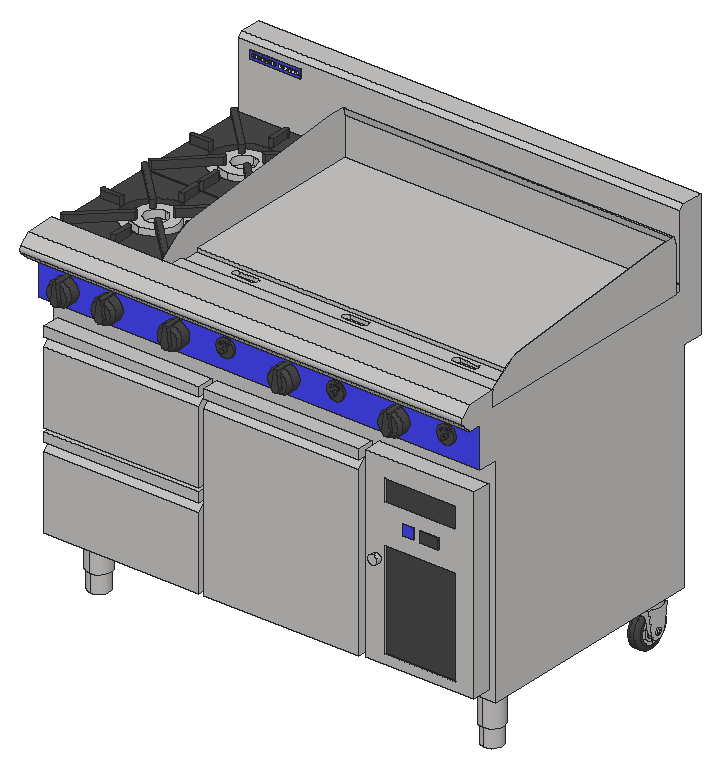
Revit family "QF_MOFFAT_BLUESEAL_CE_G518A-RB", category Specialty Equipment, Revit 2012 (continued)
Definition of nested family "WALDORF LOGO_FACE BASE"
  Forms (mm)
    Extrusion 3, solid, material "QF_Finishes_White", visible <- "Show Logo"
      sketch origin (0, -33.217, 1.588) x (1, 0, 0) y (0, 1, 0)
        loop
          line (21.449, 24.159) -> (21.449, 22.436) -> (23.862, 22.436)
          arc (23.862, 22.436) -> (24.723, 23.298) -> (23.862, 24.159) r 0.861
          line (23.862, 24.159) -> (21.449, 24.159)
        loop
          line (21.449, 20.244) -> (21.449, 18.522) -> (23.862, 18.522)
          arc (23.862, 18.522) -> (24.723, 19.383) -> (23.862, 20.244) r 0.861
          line (23.862, 20.244) -> (21.449, 20.244)
      from 0 to 0.2
    Extrusion 4, solid, material "QF_Finishes_Blue", visible <- "Show Logo"
      sketch origin (-126.498, -31.09, 1.588) x (1, 0, 0) y (0, 1, 0)
        loop
          line (136.738, 23.522) -> (136.738, 15.1)
          arc (136.738, 15.1) -> (140.756, 19.311) -> (136.738, 23.522) r 4.216
      from 0 to 0.2
    Extrusion 5, solid, material "QF_Finishes_Red", visible <- "Show Logo"
      sketch origin (146.849, -31.09, 1.588) x (-1, 0, 0) y (0, -1, 0)
        loop
          arc (136.738, -23.522) -> (140.756, -19.311) -> (136.738, -15.1) r 4.216
          line (136.738, -15.1) -> (136.738, -23.522)
      from 0 to 0.2
  Lines and regions (mm)
    Split face 1
      outline origin (-90.35, -30.793, 1.588) x (1, 0, 0) y (0, 1, 0)
        loop
          circle (100.54, 19.013) r 4.536
  Dimensions and locks
    aligned and locked: plane 2 to Extrusion 1
    aligned and locked: level to Extrusion 1
Definition of nested family "GAS BURNER 300 & GRIDDLE 900"
  Parameters (values of type "GAS BURNER 300 & GRIDDLE 900")
    Width [instance] = 1200.0 mm
    Weight in Pounds = 0
    URL Cutsheet = ""
    Type Mark [instance] = ""
    Status [instance] = ""
    Specification by User [instance] = ""
    Specification by Manufacturer = ""
    Serial Number = ""
    Seismic Rating = ""
    SMACNA No = ""
    Revision Code [instance] = ""
    Omniclass Number and Title = ""
    NAFEM Spec ID Number = ""
    Masterspec = ""
    Item Number [instance] = ""
    Installed By [instance] = ""
    Identify Quantity as Lot [instance] = yes
    Furnished By [instance] = ""
    Foodservice Equipment Identifier [instance] = yes
    Depth [instance] = 635.0 mm
    CSI MasterFormat = ""
    CSI Master Format = ""
  Reference planes
    plane 1 "BACK": y = 0
    plane 2: z = 0
    plane 3 "LEFT": x = 0
    plane 4 "RIGHT": x = 1200
    plane 5 "FRONT": y = -635
    plane 6 "TOP": z = 142.5
    plane 7 "Center Y": x = 600
    plane 8 "Center X": y = -317.5
  Dimensions and locks
    equal spacing: plane 3 "LEFT", plane 7 "Center Y", plane 4 "RIGHT"
    "Width": plane 3 "LEFT" to plane 4 "RIGHT"
    equal spacing: plane 5 "FRONT", plane 8 "Center X", plane 1 "BACK"
    "Depth": plane 5 "FRONT" to plane 1 "BACK"
    aligned and locked: level to plane 2
  Nested families
    nested 1: "GAS BURNER 300 & GRIDDLE 600" at (-1, 0, 0), type "GAS BURNER 300 & GRIDDLE 600"
      with Width 300.0 mm, Type Mark "", Status "", Specification by User "", Revision Code "", Item Number "", Installed By "", Identify Quantity as Lot yes, Furnished By "", Foodservice Equipment Identifier yes, Depth 635.0 mm
    nested 2: "GAS GRIDDLE PLATE 900" at (300, -15, 0), type "GAS GRIDDLE PLATE 900"
      with Width 900.0 mm, Type Mark "", Status "", Specification by User "", Revision Code "", Item Number "", Installed By "", Identify Quantity as Lot yes, Furnished By "", Foodservice Equipment Identifier yes, Depth 620.0 mm
  Definition of nested family "GAS BURNER 300 & GRIDDLE 600"
    Parameters (values of type "GAS BURNER 300 & GRIDDLE 600")
      Width [instance] = 300.0 mm
      Weight in Pounds = 0
      URL Cutsheet = ""
      Type Mark [instance] = ""
      Status [instance] = ""
      Specification by User [instance] = ""
      Specification by Manufacturer = ""
      Serial Number = ""
      Seismic Rating = ""
      SMACNA No = ""
      Revision Code [instance] = ""
      Omniclass Number and Title = ""
      NAFEM Spec ID Number = ""
      Masterspec = ""
      Item Number [instance] = ""
      Installed By [instance] = ""
      Identify Quantity as Lot [instance] = yes
      Furnished By [instance] = ""
      Foodservice Equipment Identifier [instance] = yes
      Depth [instance] = 635.0 mm
      CSI MasterFormat = ""
      CSI Master Format = ""
    Reference planes
      plane 1 "BACK": y = 0
      plane 2: z = 0
      plane 3 "LEFT": x = 0
      plane 4 "RIGHT": x = 300
      plane 5 "FRONT": y = -635
      plane 6 "TOP": z = 142.5
      plane 7 "Center Y": x = 150
      plane 8 "Center X": y = -317.5
    Forms (mm)
      Extrusion 1, solid, material "QF_Finishes_Black"
        sketch origin (0, 0, 0) x (0, -1, 0) y (1, 0, 0)
          loop
            line (318.5, 4) -> (318.5, 296)
            arc (318.5, 296) -> (317.621, 298.121) -> (315.5, 299) r 3
            line (315.5, 299) -> (3, 299)
            arc (3, 299) -> (0.879, 298.121) -> (0, 296) r 3
            line (0, 296) -> (0, 4)
            arc (0, 4) -> (0.879, 1.879) -> (3, 1) r 3
            line (3, 1) -> (315.5, 1)
            arc (315.5, 1) -> (317.621, 1.879) -> (318.5, 4) r 3
          loop
            line (324.5, 1) -> (632, 1)
            arc (632, 1) -> (634.121, 1.879) -> (635, 4) r 3
            line (635, 4) -> (635, 296)
            arc (635, 296) -> (634.121, 298.121) -> (632, 299) r 3
            line (632, 299) -> (324.5, 299)
            arc (324.5, 299) -> (322.379, 298.121) -> (321.5, 296) r 3
            line (321.5, 296) -> (321.5, 4)
            arc (321.5, 4) -> (322.379, 1.879) -> (324.5, 1) r 3
          loop
            circle (168.5, 149.991) r 84.082
          loop
            circle (468.5, 149.991) r 84.082
        from 0 to 19.5
      Extrusion 2, solid, material "QF_Finishes_Black"
        sketch origin (0, 0, 19.5) x (0, -1, 0) y (1, 0, 0)
          loop
            spline (326.102, 15.153) -> (325.181, 13.924) -> (324.631, 12.47) -> (324.49, 10.89) -> (324.767, 9.292) -> (325.443, 7.786) -> (326.473, 6.473) -> (327.786, 5.443) -> (329.292, 4.767) -> (330.89, 4.49) -> (332.47, 4.631) -> (333.924, 5.181) -> (335.153, 6.102)
            line (335.153, 6.102) -> (443.076, 114.025)
            spline (443.076, 114.025) -> (443.837, 115.095) -> (444.238, 116.399) -> (444.251, 117.851) -> (443.875, 119.35) -> (443.137, 120.795) -> (442.086, 122.086) -> (440.795, 123.137) -> (439.35, 123.875) -> (437.851, 124.251) -> (436.399, 124.238) -> (435.095, 123.837) -> (434.025, 123.076)
            line (434.025, 123.076) -> (326.102, 15.153)
          loop
            spline (328.898, 156.4) -> (327.604, 156.182) -> (326.398, 155.543) -> (325.362, 154.525) -> (324.568, 153.2) -> (324.068, 151.656) -> (323.898, 150) -> (324.068, 148.344) -> (324.568, 146.8) -> (325.362, 145.475) -> (326.398, 144.457) -> (327.604, 143.818) -> (328.898, 143.6)
            line (328.898, 143.6) -> (378.102, 143.6)
            spline (378.102, 143.6) -> (379.396, 143.818) -> (380.602, 144.457) -> (381.638, 145.475) -> (382.432, 146.8) -> (382.932, 148.344) -> (383.102, 150) -> (382.932, 151.656) -> (382.432, 153.2) -> (381.638, 154.525) -> (380.602, 155.543) -> (379.396, 156.182) -> (378.102, 156.4)
            line (378.102, 156.4) -> (328.898, 156.4)
          loop
            spline (335.153, 293.898) -> (334.084, 294.659) -> (332.779, 295.059) -> (331.328, 295.072) -> (329.829, 294.697) -> (328.384, 293.959) -> (327.092, 292.908) -> (326.041, 291.616) -> (325.303, 290.171) -> (324.928, 288.672) -> (324.941, 287.221) -> (325.341, 285.916) -> (326.102, 284.847)
            line (326.102, 284.847) -> (434.025, 176.924)
            spline (434.025, 176.924) -> (435.095, 176.163) -> (436.399, 175.762) -> (437.851, 175.749) -> (439.35, 176.125) -> (440.795, 176.863) -> (442.086, 177.914) -> (443.137, 179.205) -> (443.875, 180.65) -> (444.251, 182.149) -> (444.238, 183.601) -> (443.837, 184.905) -> (443.076, 185.975)
            line (443.076, 185.975) -> (335.153, 293.898)
          loop
            line (463.6, 291.102) -> (463.6, 241.898)
            spline (463.6, 241.898) -> (463.818, 240.604) -> (464.457, 239.398) -> (465.475, 238.362) -> (466.8, 237.568) -> (468.344, 237.068) -> (470, 236.898) -> (471.656, 237.068) -> (473.2, 237.568) -> (474.525, 238.362) -> (475.543, 239.398) -> (476.182, 240.604) -> (476.4, 241.898)
            line (476.4, 241.898) -> (476.4, 291.102)
            spline (476.4, 291.102) -> (476.182, 292.396) -> (475.543, 293.602) -> (474.525, 294.638) -> (473.2, 295.432) -> (471.656, 295.932) -> (470, 296.102) -> (468.344, 295.932) -> (466.8, 295.432) -> (465.475, 294.638) -> (464.457, 293.602) -> (463.818, 292.396) -> (463.6, 291.102)
          loop
            spline (612.398, 284.847) -> (613.159, 285.916) -> (613.559, 287.221) -> (613.572, 288.672) -> (613.197, 290.171) -> (612.459, 291.616) -> (611.408, 292.908) -> (610.116, 293.959) -> (608.671, 294.697) -> (607.172, 295.072) -> (605.721, 295.059) -> (604.416, 294.659) -> (603.347, 293.898)
            line (603.347, 293.898) -> (496.924, 185.975)
            spline (496.924, 185.975) -> (496.163, 184.905) -> (495.762, 183.601) -> (495.749, 182.149) -> (496.125, 180.65) -> (496.863, 179.205) -> (497.914, 177.914) -> (499.205, 176.863) -> (500.65, 176.125) -> (502.149, 175.749) -> (503.601, 175.762) -> (504.905, 176.163) -> (505.975, 176.924)
            line (505.975, 176.924) -> (612.398, 284.847)
          loop
            spline (609.602, 143.6) -> (610.896, 143.818) -> (612.102, 144.457) -> (613.138, 145.475) -> (613.932, 146.8) -> (614.432, 148.344) -> (614.602, 150) -> (614.432, 151.656) -> (613.932, 153.2) -> (613.138, 154.525) -> (612.102, 155.543) -> (610.896, 156.182) -> (609.602, 156.4)
            line (609.602, 156.4) -> (561.898, 156.4)
            spline (561.898, 156.4) -> (560.604, 156.182) -> (559.398, 155.543) -> (558.362, 154.525) -> (557.568, 153.2) -> (557.068, 151.656) -> (556.898, 150) -> (557.068, 148.344) -> (557.568, 146.8) -> (558.362, 145.475) -> (559.398, 144.457) -> (560.604, 143.818) -> (561.898, 143.6)
            line (561.898, 143.6) -> (609.602, 143.6)
          loop
            line (612.398, 15.153) -> (505.975, 123.076)
            spline (505.975, 123.076) -> (504.905, 123.837) -> (503.601, 124.238) -> (502.149, 124.251) -> (500.65, 123.875) -> (499.205, 123.137) -> (497.914, 122.086) -> (496.863, 120.795) -> (496.125, 119.35) -> (495.749, 117.851) -> (495.762, 116.399) -> (496.163, 115.095) -> (496.924, 114.025)
            line (496.924, 114.025) -> (603.347, 6.102)
            spline (603.347, 6.102) -> (604.416, 5.341) -> (605.721, 4.941) -> (607.172, 4.928) -> (608.671, 5.303) -> (610.116, 6.041) -> (611.408, 7.092) -> (612.459, 8.384) -> (613.197, 9.829) -> (613.572, 11.328) -> (613.559, 12.779) -> (613.159, 14.084) -> (612.398, 15.153)
          loop
            line (476.4, 8.898) -> (476.4, 58.102)
            spline (476.4, 58.102) -> (476.182, 59.396) -> (475.543, 60.602) -> (474.525, 61.638) -> (473.2, 62.432) -> (471.656, 62.932) -> (470, 63.102) -> (468.344, 62.932) -> (466.8, 62.432) -> (465.475, 61.638) -> (464.457, 60.602) -> (463.818, 59.396) -> (463.6, 58.102)
            line (463.6, 58.102) -> (463.6, 8.898)
            spline (463.6, 8.898) -> (463.818, 7.604) -> (464.457, 6.398) -> (465.475, 5.362) -> (466.8, 4.568) -> (468.344, 4.068) -> (470, 3.898) -> (471.656, 4.068) -> (473.2, 4.568) -> (474.525, 5.362) -> (475.543, 6.398) -> (476.182, 7.604) -> (476.4, 8.898)
          loop
            spline (22.602, 15.153) -> (21.681, 13.924) -> (21.131, 12.47) -> (20.99, 10.89) -> (21.267, 9.292) -> (21.943, 7.786) -> (22.973, 6.473) -> (24.286, 5.443) -> (25.792, 4.767) -> (27.39, 4.49) -> (28.97, 4.631) -> (30.424, 5.181) -> (31.653, 6.102)
            line (31.653, 6.102) -> (139.576, 114.025)
            spline (139.576, 114.025) -> (140.337, 115.095) -> (140.738, 116.399) -> (140.751, 117.851) -> (140.375, 119.35) -> (139.637, 120.795) -> (138.586, 122.086) -> (137.295, 123.137) -> (135.85, 123.875) -> (134.351, 124.251) -> (132.899, 124.238) -> (131.595, 123.837) -> (130.525, 123.076)
            line (130.525, 123.076) -> (22.602, 15.153)
          loop
            spline (25.398, 156.4) -> (24.104, 156.182) -> (22.898, 155.543) -> (21.862, 154.525) -> (21.068, 153.2) -> (20.568, 151.656) -> (20.398, 150) -> (20.568, 148.344) -> (21.068, 146.8) -> (21.862, 145.475) -> (22.898, 144.457) -> (24.104, 143.818) -> (25.398, 143.6)
            line (25.398, 143.6) -> (74.602, 143.6)
            spline (74.602, 143.6) -> (75.896, 143.818) -> (77.102, 144.457) -> (78.138, 145.475) -> (78.932, 146.8) -> (79.432, 148.344) -> (79.602, 150) -> (79.432, 151.656) -> (78.932, 153.2) -> (78.138, 154.525) -> (77.102, 155.543) -> (75.896, 156.182) -> (74.602, 156.4)
            line (74.602, 156.4) -> (25.398, 156.4)
          loop
            spline (31.653, 293.898) -> (30.584, 294.659) -> (29.279, 295.059) -> (27.828, 295.072) -> (26.329, 294.697) -> (24.884, 293.959) -> (23.592, 292.908) -> (22.541, 291.616) -> (21.803, 290.171) -> (21.428, 288.672) -> (21.441, 287.221) -> (21.841, 285.916) -> (22.602, 284.847)
            line (22.602, 284.847) -> (130.525, 176.924)
            spline (130.525, 176.924) -> (131.595, 176.163) -> (132.899, 175.762) -> (134.351, 175.749) -> (135.85, 176.125) -> (137.295, 176.863) -> (138.586, 177.914) -> (139.637, 179.205) -> (140.375, 180.65) -> (140.751, 182.149) -> (140.738, 183.601) -> (140.337, 184.905) -> (139.576, 185.975)
            line (139.576, 185.975) -> (31.653, 293.898)
          loop
            line (160.1, 291.102) -> (160.1, 241.898)
            spline (160.1, 241.898) -> (160.318, 240.604) -> (160.957, 239.398) -> (161.975, 238.362) -> (163.3, 237.568) -> (164.844, 237.068) -> (166.5, 236.898) -> (168.156, 237.068) -> (169.7, 237.568) -> (171.025, 238.362) -> (172.043, 239.398) -> (172.682, 240.604) -> (172.9, 241.898)
            line (172.9, 241.898) -> (172.9, 291.102)
            spline (172.9, 291.102) -> (172.682, 292.396) -> (172.043, 293.602) -> (171.025, 294.638) -> (169.7, 295.432) -> (168.156, 295.932) -> (166.5, 296.102) -> (164.844, 295.932) -> (163.3, 295.432) -> (161.975, 294.638) -> (160.957, 293.602) -> (160.318, 292.396) -> (160.1, 291.102)
          loop
            spline (313.898, 284.847) -> (314.659, 285.916) -> (315.059, 287.221) -> (315.072, 288.672) -> (314.697, 290.171) -> (313.959, 291.616) -> (312.908, 292.908) -> (311.616, 293.959) -> (310.171, 294.697) -> (308.672, 295.072) -> (307.221, 295.059) -> (305.916, 294.659) -> (304.847, 293.898)
            line (304.847, 293.898) -> (193.424, 185.975)
            spline (193.424, 185.975) -> (192.663, 184.905) -> (192.262, 183.601) -> (192.249, 182.149) -> (192.625, 180.65) -> (193.363, 179.205) -> (194.414, 177.914) -> (195.705, 176.863) -> (197.15, 176.125) -> (198.649, 175.749) -> (200.101, 175.762) -> (201.405, 176.163) -> (202.475, 176.924)
            line (202.475, 176.924) -> (313.898, 284.847)
          loop
            spline (311.102, 143.6) -> (312.396, 143.818) -> (313.602, 144.457) -> (314.638, 145.475) -> (315.432, 146.8) -> (315.932, 148.344) -> (316.102, 150) -> (315.932, 151.656) -> (315.432, 153.2) -> (314.638, 154.525) -> (313.602, 155.543) -> (312.396, 156.182) -> (311.102, 156.4)
            line (311.102, 156.4) -> (261.898, 156.4)
            spline (261.898, 156.4) -> (260.604, 156.182) -> (259.398, 155.543) -> (258.362, 154.525) -> (257.568, 153.2) -> (257.068, 151.656) -> (256.898, 150) -> (257.068, 148.344) -> (257.568, 146.8) -> (258.362, 145.475) -> (259.398, 144.457) -> (260.604, 143.818) -> (261.898, 143.6)
            line (261.898, 143.6) -> (311.102, 143.6)
          loop
            line (313.898, 15.153) -> (202.475, 123.076)
            spline (202.475, 123.076) -> (201.405, 123.837) -> (200.101, 124.238) -> (198.649, 124.251) -> (197.15, 123.875) -> (195.705, 123.137) -> (194.414, 122.086) -> (193.363, 120.795) -> (192.625, 119.35) -> (192.249, 117.851) -> (192.262, 116.399) -> (192.663, 115.095) -> (193.424, 114.025)
            line (193.424, 114.025) -> (304.847, 6.102)
            spline (304.847, 6.102) -> (305.916, 5.341) -> (307.221, 4.941) -> (308.672, 4.928) -> (310.171, 5.303) -> (311.616, 6.041) -> (312.908, 7.092) -> (313.959, 8.384) -> (314.697, 9.829) -> (315.072, 11.328) -> (315.059, 12.779) -> (314.659, 14.084) -> (313.898, 15.153)
          loop
            line (172.9, 8.898) -> (172.9, 58.102)
            spline (172.9, 58.102) -> (172.682, 59.396) -> (172.043, 60.602) -> (171.025, 61.638) -> (169.7, 62.432) -> (168.156, 62.932) -> (166.5, 63.102) -> (164.844, 62.932) -> (163.3, 62.432) -> (161.975, 61.638) -> (160.957, 60.602) -> (160.318, 59.396) -> (160.1, 58.102)
            line (160.1, 58.102) -> (160.1, 8.898)
            spline (160.1, 8.898) -> (160.318, 7.604) -> (160.957, 6.398) -> (161.975, 5.362) -> (163.3, 4.568) -> (164.844, 4.068) -> (166.5, 3.898) -> (168.156, 4.068) -> (169.7, 4.568) -> (171.025, 5.362) -> (172.043, 6.398) -> (172.682, 7.604) -> (172.9, 8.898)
        from 0 to 20.5
      Extrusion 3, solid, material "QF_Finishes_Stainless Steel"
        sketch origin (0, -15.098, 0) x (0, -1, 0) y (1, 0, 0)
          loop
            circle (151.402, 150) r 57
          loop
            circle (451.402, 150) r 57
          loop
            circle (151.402, 150) r 30
          loop
            circle (451.402, 150) r 30
        from 0 to 20
    Lines and regions (mm)
      symbolic lines
        curve 1: line (284.847, -22.602, 0) -> (176.924, -130.525, 0)
        curve 2: spline (176.924, -130.525, 0) -> (176.163, -131.595, 0) -> (175.762, -132.899, 0) -> (175.749, -134.351, 0) -> (176.125, -135.85, 0) -> (176.863, -137.295, 0) -> (177.914, -138.586, 0) -> (179.205, -139.637, 0) -> (180.65, -140.375, 0) -> (182.149, -140.751, 0) -> (183.601, -140.738, 0) -> (184.905, -140.337, 0) -> (185.975, -139.576, 0)
        curve 3: line (185.975, -139.576, 0) -> (293.898, -31.653, 0)
        curve 4: spline (293.898, -31.653, 0) -> (294.659, -30.584, 0) -> (295.059, -29.279, 0) -> (295.072, -27.828, 0) -> (294.697, -26.329, 0) -> (293.959, -24.884, 0) -> (292.908, -23.592, 0) -> (291.616, -22.541, 0) -> (290.171, -21.803, 0) -> (288.672, -21.428, 0) -> (287.221, -21.441, 0) -> (285.916, -21.841, 0) -> (284.847, -22.602, 0)
        curve 5: line (291.102, -160.1, 0) -> (241.898, -160.1, 0)
        curve 6: spline (241.898, -160.1, 0) -> (240.604, -160.318, 0) -> (239.398, -160.957, 0) -> (238.362, -161.975, 0) -> (237.568, -163.3, 0) -> (237.068, -164.844, 0) -> (236.898, -166.5, 0) -> (237.068, -168.156, 0) -> (237.568, -169.7, 0) -> (238.362, -171.025, 0) -> (239.398, -172.043, 0) -> (240.604, -172.682, 0) -> (241.898, -172.9, 0)
        curve 7: line (241.898, -172.9, 0) -> (291.102, -172.9, 0)
        curve 8: arc (150, -223.5, 0) -> (168.725, -220.336, 0) -> (185.372, -211.197, 0) r 57
        curve 9: arc (150, -109.5, 0) -> (131.183, -112.696, 0) -> (114.475, -121.924, 0) r 57
        curve 10: arc (149.991, -84.418, 0) -> (178.523, -89.406, 0) -> (203.668, -103.781, 0) r 84.082
        curve 11: arc (149.991, -252.582, 0) -> (120.441, -247.219, 0) -> (94.661, -231.812, 0) r 84.082
        curve 12: line (156.4, -74.602, 0) -> (156.4, -25.398, 0)
        curve 13: spline (156.4, -25.398, 0) -> (156.182, -24.104, 0) -> (155.543, -22.898, 0) -> (154.525, -21.862, 0) -> (153.2, -21.068, 0) -> (151.656, -20.568, 0) -> (150, -20.398, 0) -> (148.344, -20.568, 0) -> (146.8, -21.068, 0) -> (145.475, -21.862, 0) -> (144.457, -22.898, 0) -> (143.818, -24.104, 0) -> (143.6, -25.398, 0)
        curve 14: line (143.6, -25.398, 0) -> (143.6, -74.602, 0)
        curve 15: spline (143.6, -74.602, 0) -> (143.818, -75.896, 0) -> (144.457, -77.102, 0) -> (145.475, -78.138, 0) -> (146.8, -78.932, 0) -> (148.344, -79.432, 0) -> (150, -79.602, 0) -> (151.656, -79.432, 0) -> (153.2, -78.932, 0) -> (154.525, -78.138, 0) -> (155.543, -77.102, 0) -> (156.182, -75.896, 0) -> (156.4, -74.602, 0)
        curve 16: line (296, 0, 0) -> (4, 0, 0)
        curve 17: arc (4, 0, 0) -> (1.879, -0.879, 0) -> (1, -3, 0) r 3
        curve 18: line (1, -3, 0) -> (1, -315.5, 0)
        curve 19: arc (1, -315.5, 0) -> (1.879, -317.621, 0) -> (4, -318.5, 0) r 3
        curve 20: line (4, -318.5, 0) -> (296, -318.5, 0)
        curve 21: line (296, -321.5, 0) -> (4, -321.5, 0)
        curve 22: arc (4, -321.5, 0) -> (1.879, -322.379, 0) -> (1, -324.5, 0) r 3
        curve 23: line (1, -324.5, 0) -> (1, -632, 0)
        curve 24: arc (1, -632, 0) -> (1.879, -634.121, 0) -> (4, -635, 0) r 3
        curve 25: line (4, -635, 0) -> (296, -635, 0)
        curve 26: line (293.898, -304.847, 0) -> (185.975, -193.424, 0)
        curve 27: spline (185.975, -193.424, 0) -> (184.905, -192.663, 0) -> (183.601, -192.262, 0) -> (182.149, -192.249, 0) -> (180.65, -192.625, 0) -> (179.205, -193.363, 0) -> (177.914, -194.414, 0) -> (176.863, -195.705, 0) -> (176.125, -197.15, 0) -> (175.749, -198.649, 0) -> (175.762, -200.101, 0) -> (176.163, -201.405, 0) -> (176.924, -202.475, 0)
        curve 28: line (176.924, -202.475, 0) -> (284.847, -313.898, 0)
        curve 29: spline (284.847, -313.898, 0) -> (285.916, -314.659, 0) -> (287.221, -315.059, 0) -> (288.672, -315.072, 0) -> (290.171, -314.697, 0) -> (291.616, -313.959, 0) -> (292.908, -312.908, 0) -> (293.959, -311.616, 0) -> (294.697, -310.171, 0) -> (295.072, -308.672, 0) -> (295.059, -307.221, 0) -> (294.659, -305.916, 0) -> (293.898, -304.847, 0)
        curve 30: line (15.153, -313.898, 0) -> (123.076, -202.475, 0)
        curve 31: spline (123.076, -202.475, 0) -> (123.837, -201.405, 0) -> (124.238, -200.101, 0) -> (124.251, -198.649, 0) -> (123.875, -197.15, 0) -> (123.137, -195.705, 0) -> (122.086, -194.414, 0) -> (120.795, -193.363, 0) -> (119.35, -192.625, 0) -> (117.851, -192.249, 0) -> (116.399, -192.262, 0) -> (115.095, -192.663, 0) -> (114.025, -193.424, 0)
        curve 32: line (114.025, -193.424, 0) -> (6.102, -304.847, 0)
        curve 33: spline (6.102, -304.847, 0) -> (5.341, -305.916, 0) -> (4.941, -307.221, 0) -> (4.928, -308.672, 0) -> (5.303, -310.171, 0) -> (6.041, -311.616, 0) -> (7.092, -312.908, 0) -> (8.384, -313.959, 0) -> (9.829, -314.697, 0) -> (11.328, -315.072, 0) -> (12.779, -315.059, 0) -> (14.084, -314.659, 0) -> (15.153, -313.898, 0)
        curve 34: line (8.898, -172.9, 0) -> (58.102, -172.9, 0)
        curve 35: spline (58.102, -172.9, 0) -> (59.396, -172.682, 0) -> (60.602, -172.043, 0) -> (61.638, -171.025, 0) -> (62.432, -169.7, 0) -> (62.932, -168.156, 0) -> (63.102, -166.5, 0) -> (62.932, -164.844, 0) -> (62.432, -163.3, 0) -> (61.638, -161.975, 0) -> (60.602, -160.957, 0) -> (59.396, -160.318, 0) -> (58.102, -160.1, 0)
        curve 36: line (58.102, -160.1, 0) -> (8.898, -160.1, 0)
        curve 37: spline (8.898, -160.1, 0) -> (7.604, -160.318, 0) -> (6.398, -160.957, 0) -> (5.362, -161.975, 0) -> (4.568, -163.3, 0) -> (4.068, -164.844, 0) -> (3.898, -166.5, 0) -> (4.068, -168.156, 0) -> (4.568, -169.7, 0) -> (5.362, -171.025, 0) -> (6.398, -172.043, 0) -> (7.604, -172.682, 0) -> (8.898, -172.9, 0)
        curve 38: line (6.102, -31.653, 0) -> (114.025, -139.576, 0)
        curve 39: spline (114.025, -139.576, 0) -> (115.095, -140.337, 0) -> (116.399, -140.738, 0) -> (117.851, -140.751, 0) -> (119.35, -140.375, 0) -> (120.795, -139.637, 0) -> (122.086, -138.586, 0) -> (123.137, -137.295, 0) -> (123.875, -135.85, 0) -> (124.251, -134.351, 0) -> (124.238, -132.899, 0) -> (123.837, -131.595, 0) -> (123.076, -130.525, 0)
        curve 40: line (123.076, -130.525, 0) -> (15.153, -22.602, 0)
        curve 41: spline (15.153, -22.602, 0) -> (13.924, -21.681, 0) -> (12.47, -21.131, 0) -> (10.89, -20.99, 0) -> (9.292, -21.267, 0) -> (7.786, -21.943, 0) -> (6.473, -22.973, 0) -> (5.443, -24.286, 0) -> (4.767, -25.792, 0) -> (4.49, -27.39, 0) -> (4.631, -28.97, 0) -> (5.181, -30.424, 0) -> (6.102, -31.653, 0)
        curve 42: arc (150, -136.5, 0) -> (180, -166.5, 0) -> (150, -196.5, 0) r 30
        curve 43: arc (150, -196.5, 0) -> (120, -166.5, 0) -> (150, -136.5, 0) r 30
        curve 44: line (156.4, -311.102, 0) -> (156.4, -261.898, 0)
        curve 45: spline (156.4, -261.898, 0) -> (156.182, -260.604, 0) -> (155.543, -259.398, 0) -> (154.525, -258.362, 0) -> (153.2, -257.568, 0) -> (151.656, -257.068, 0) -> (150, -256.898, 0) -> (148.344, -257.068, 0) -> (146.8, -257.568, 0) -> (145.475, -258.362, 0) -> (144.457, -259.398, 0) -> (143.818, -260.604, 0) -> (143.6, -261.898, 0)
        curve 46: line (143.6, -261.898, 0) -> (143.6, -311.102, 0)
        curve 47: spline (143.6, -311.102, 0) -> (143.818, -312.396, 0) -> (144.457, -313.602, 0) -> (145.475, -314.638, 0) -> (146.8, -315.432, 0) -> (148.344, -315.932, 0) -> (150, -316.102, 0) -> (151.656, -315.932, 0) -> (153.2, -315.432, 0) -> (154.525, -314.638, 0) -> (155.543, -313.602, 0) -> (156.182, -312.396, 0) -> (156.4, -311.102, 0)
        curve 48: line (156.4, -378.102, 0) -> (156.4, -328.898, 0)
        curve 49: spline (156.4, -328.898, 0) -> (156.182, -327.604, 0) -> (155.543, -326.398, 0) -> (154.525, -325.362, 0) -> (153.2, -324.568, 0) -> (151.656, -324.068, 0) -> (150, -323.898, 0) -> (148.344, -324.068, 0) -> (146.8, -324.568, 0) -> (145.475, -325.362, 0) -> (144.457, -326.398, 0) -> (143.818, -327.604, 0) -> (143.6, -328.898, 0)
        curve 50: line (143.6, -328.898, 0) -> (143.6, -378.102, 0)
        curve 51: spline (143.6, -378.102, 0) -> (143.818, -379.396, 0) -> (144.457, -380.602, 0) -> (145.475, -381.638, 0) -> (146.8, -382.432, 0) -> (148.344, -382.932, 0) -> (150, -383.102, 0) -> (151.656, -382.932, 0) -> (153.2, -382.432, 0) -> (154.525, -381.638, 0) -> (155.543, -380.602, 0) -> (156.182, -379.396, 0) -> (156.4, -378.102, 0)
        curve 52: line (284.847, -326.102, 0) -> (176.924, -434.025, 0)
        curve 53: spline (176.924, -434.025, 0) -> (176.163, -435.095, 0) -> (175.762, -436.399, 0) -> (175.749, -437.851, 0) -> (176.125, -439.35, 0) -> (176.863, -440.795, 0) -> (177.914, -442.086, 0) -> (179.205, -443.137, 0) -> (180.65, -443.875, 0) -> (182.149, -444.251, 0) -> (183.601, -444.238, 0) -> (184.905, -443.837, 0) -> (185.975, -443.076, 0)
        curve 54: line (185.975, -443.076, 0) -> (293.898, -335.153, 0)
        curve 55: spline (293.898, -335.153, 0) -> (294.659, -334.084, 0) -> (295.059, -332.779, 0) -> (295.072, -331.328, 0) -> (294.697, -329.829, 0) -> (293.959, -328.384, 0) -> (292.908, -327.092, 0) -> (291.616, -326.041, 0) -> (290.171, -325.303, 0) -> (288.672, -324.928, 0) -> (287.221, -324.941, 0) -> (285.916, -325.341, 0) -> (284.847, -326.102, 0)
        curve 56: line (123.076, -434.025, 0) -> (15.153, -326.102, 0)
        curve 57: spline (15.153, -326.102, 0) -> (13.924, -325.181, 0) -> (12.47, -324.631, 0) -> (10.89, -324.49, 0) -> (9.292, -324.767, 0) -> (7.786, -325.443, 0) -> (6.473, -326.473, 0) -> (5.443, -327.786, 0) -> (4.767, -329.292, 0) -> (4.49, -330.89, 0) -> (4.631, -332.47, 0) -> (5.181, -333.924, 0) -> (6.102, -335.153, 0)
        curve 58: line (6.102, -335.153, 0) -> (114.025, -443.076, 0)
        curve 59: spline (114.025, -443.076, 0) -> (115.095, -443.837, 0) -> (116.399, -444.238, 0) -> (117.851, -444.251, 0) -> (119.35, -443.875, 0) -> (120.795, -443.137, 0) -> (122.086, -442.086, 0) -> (123.137, -440.795, 0) -> (123.875, -439.35, 0) -> (124.251, -437.851, 0) -> (124.238, -436.399, 0) -> (123.837, -435.095, 0) -> (123.076, -434.025, 0)
        curve 60: line (58.102, -463.6, 0) -> (8.898, -463.6, 0)
        curve 61: spline (8.898, -463.6, 0) -> (7.604, -463.818, 0) -> (6.398, -464.457, 0) -> (5.362, -465.475, 0) -> (4.568, -466.8, 0) -> (4.068, -468.344, 0) -> (3.898, -470, 0) -> (4.068, -471.656, 0) -> (4.568, -473.2, 0) -> (5.362, -474.525, 0) -> (6.398, -475.543, 0) -> (7.604, -476.182, 0) -> (8.898, -476.4, 0)
        curve 62: line (8.898, -476.4, 0) -> (58.102, -476.4, 0)
        curve 63: spline (58.102, -476.4, 0) -> (59.396, -476.182, 0) -> (60.602, -475.543, 0) -> (61.638, -474.525, 0) -> (62.432, -473.2, 0) -> (62.932, -471.656, 0) -> (63.102, -470, 0) -> (62.932, -468.344, 0) -> (62.432, -466.8, 0) -> (61.638, -465.475, 0) -> (60.602, -464.457, 0) -> (59.396, -463.818, 0) -> (58.102, -463.6, 0)
        curve 64: line (114.025, -496.924, 0) -> (6.102, -603.347, 0)
        curve 65: spline (6.102, -603.347, 0) -> (5.341, -604.416, 0) -> (4.941, -605.721, 0) -> (4.928, -607.172, 0) -> (5.303, -608.671, 0) -> (6.041, -610.116, 0) -> (7.092, -611.408, 0) -> (8.384, -612.459, 0) -> (9.829, -613.197, 0) -> (11.328, -613.572, 0) -> (12.779, -613.559, 0) -> (14.084, -613.159, 0) -> (15.153, -612.398, 0)
        curve 66: line (15.153, -612.398, 0) -> (123.076, -505.975, 0)
        curve 67: spline (123.076, -505.975, 0) -> (123.837, -504.905, 0) -> (124.238, -503.601, 0) -> (124.251, -502.149, 0) -> (123.875, -500.65, 0) -> (123.137, -499.205, 0) -> (122.086, -497.914, 0) -> (120.795, -496.863, 0) -> (119.35, -496.125, 0) -> (117.851, -495.749, 0) -> (116.399, -495.762, 0) -> (115.095, -496.163, 0) -> (114.025, -496.924, 0)
        curve 68: line (156.4, -609.602, 0) -> (156.4, -561.898, 0)
        curve 69: spline (156.4, -561.898, 0) -> (156.182, -560.604, 0) -> (155.543, -559.398, 0) -> (154.525, -558.362, 0) -> (153.2, -557.568, 0) -> (151.656, -557.068, 0) -> (150, -556.898, 0) -> (148.344, -557.068, 0) -> (146.8, -557.568, 0) -> (145.475, -558.362, 0) -> (144.457, -559.398, 0) -> (143.818, -560.604, 0) -> (143.6, -561.898, 0)
        curve 70: line (143.6, -561.898, 0) -> (143.6, -609.602, 0)
        curve 71: spline (143.6, -609.602, 0) -> (143.818, -610.896, 0) -> (144.457, -612.102, 0) -> (145.475, -613.138, 0) -> (146.8, -613.932, 0) -> (148.344, -614.432, 0) -> (150, -614.602, 0) -> (151.656, -614.432, 0) -> (153.2, -613.932, 0) -> (154.525, -613.138, 0) -> (155.543, -612.102, 0) -> (156.182, -610.896, 0) -> (156.4, -609.602, 0)
        curve 72: line (176.924, -505.975, 0) -> (284.847, -612.398, 0)
        curve 73: spline (284.847, -612.398, 0) -> (285.916, -613.159, 0) -> (287.221, -613.559, 0) -> (288.672, -613.572, 0) -> (290.171, -613.197, 0) -> (291.616, -612.459, 0) -> (292.908, -611.408, 0) -> (293.959, -610.116, 0) -> (294.697, -608.671, 0) -> (295.072, -607.172, 0) -> (295.059, -605.721, 0) -> (294.659, -604.416, 0) -> (293.898, -603.347, 0)
        curve 74: line (293.898, -603.347, 0) -> (185.975, -496.924, 0)
        curve 75: spline (185.975, -496.924, 0) -> (184.905, -496.163, 0) -> (183.601, -495.762, 0) -> (182.149, -495.749, 0) -> (180.65, -496.125, 0) -> (179.205, -496.863, 0) -> (177.914, -497.914, 0) -> (176.863, -499.205, 0) -> (176.125, -500.65, 0) -> (175.749, -502.149, 0) -> (175.762, -503.601, 0) -> (176.163, -504.905, 0) -> (176.924, -505.975, 0)
        curve 76: arc (149.991, -384.418, 0) -> (179.687, -389.836, 0) -> (205.556, -405.393, 0) r 84.082
        curve 77: arc (149.991, -552.582, 0) -> (121.173, -547.489, 0) -> (95.845, -532.827, 0) r 84.082
        curve 78: arc (150, -523.5, 0) -> (167.666, -520.693, 0) -> (183.592, -512.55, 0) r 57
        curve 79: arc (150, -409.5, 0) -> (130.014, -413.119, 0) -> (112.566, -423.515, 0) r 57
        curve 80: arc (150, -436.5, 0) -> (180, -466.5, 0) -> (150, -496.5, 0) r 30
        curve 81: arc (150, -496.5, 0) -> (120, -466.5, 0) -> (150, -436.5, 0) r 30
        curve 82: line (291.102, -463.6, 0) -> (241.898, -463.6, 0)
        curve 83: spline (241.898, -463.6, 0) -> (240.604, -463.818, 0) -> (239.398, -464.457, 0) -> (238.362, -465.475, 0) -> (237.568, -466.8, 0) -> (237.068, -468.344, 0) -> (236.898, -470, 0) -> (237.068, -471.656, 0) -> (237.568, -473.2, 0) -> (238.362, -474.525, 0) -> (239.398, -475.543, 0) -> (240.604, -476.182, 0) -> (241.898, -476.4, 0)
        curve 84: line (241.898, -476.4, 0) -> (291.102, -476.4, 0)
        curve 85: arc (96.324, -103.773, 0) -> (121.466, -89.404, 0) -> (149.991, -84.418, 0) r 84.082
        curve 86: arc (212.871, -112.68, 0) -> (234.066, -167.408, 0) -> (214.3, -222.668, 0) r 84.082
        curve 87: arc (194.454, -202.178, 0) -> (207, -166.598, 0) -> (194.576, -130.975, 0) r 57
        curve 88: arc (114.628, -211.197, 0) -> (131.275, -220.336, 0) -> (150, -223.5, 0) r 57
        curve 89: arc (105.424, -130.975, 0) -> (93, -166.598, 0) -> (105.546, -202.178, 0) r 57
        curve 90: arc (187.434, -423.515, 0) -> (169.986, -413.119, 0) -> (150, -409.5, 0) r 57
        curve 91: arc (103.911, -432.962, 0) -> (93.053, -468.956, 0) -> (106.969, -503.881, 0) r 57
        curve 92: arc (109.732, -506.842, 0) -> (110.614, -507.704, 0) -> (111.516, -508.547, 0) r 57
        curve 93: arc (193.031, -503.881, 0) -> (206.947, -468.956, 0) -> (196.089, -432.962, 0) r 57
        curve 94: arc (214.491, -414.56, 0) -> (234.068, -469.429, 0) -> (213.283, -523.853, 0) r 84.082
        curve 95: arc (94.436, -405.385, 0) -> (120.301, -389.834, 0) -> (149.991, -384.418, 0) r 84.082
        curve 96: arc (86.707, -523.862, 0) -> (65.914, -469.429, 0) -> (85.499, -414.55, 0) r 84.082
        curve 97: arc (116.408, -512.55, 0) -> (132.334, -520.693, 0) -> (150, -523.5, 0) r 57
        curve 98: arc (204.147, -532.819, 0) -> (178.816, -547.487, 0) -> (149.991, -552.582, 0) r 84.082
        curve 99: arc (185.525, -121.924, 0) -> (168.817, -112.696, 0) -> (150, -109.5, 0) r 57
        curve 100: arc (205.331, -231.803, 0) -> (179.547, -247.216, 0) -> (149.991, -252.582, 0) r 84.082
        curve 101: arc (85.69, -222.678, 0) -> (65.916, -167.408, 0) -> (87.119, -112.67, 0) r 84.082
        curve 102: line (299, -315.5, 0) -> (299, -3, 0)
        curve 103: arc (299, -3, 0) -> (298.121, -0.879, 0) -> (296, 0, 0) r 3
        curve 104: spline (291.102, -172.9, 0) -> (292.396, -172.682, 0) -> (293.602, -172.043, 0) -> (294.638, -171.025, 0) -> (295.432, -169.7, 0) -> (295.932, -168.156, 0) -> (296.102, -166.5, 0) -> (295.932, -164.844, 0) -> (295.432, -163.3, 0) -> (294.638, -161.975, 0) -> (293.602, -160.957, 0) -> (292.396, -160.318, 0) -> (291.102, -160.1, 0)
        curve 105: spline (291.102, -476.4, 0) -> (292.396, -476.182, 0) -> (293.602, -475.543, 0) -> (294.638, -474.525, 0) -> (295.432, -473.2, 0) -> (295.932, -471.656, 0) -> (296.102, -470, 0) -> (295.932, -468.344, 0) -> (295.432, -466.8, 0) -> (294.638, -465.475, 0) -> (293.602, -464.457, 0) -> (292.396, -463.818, 0) -> (291.102, -463.6, 0)
        curve 106: arc (296, -635, 0) -> (298.121, -634.121, 0) -> (299, -632, 0) r 3
        curve 107: line (299, -632, 0) -> (299, -324.5, 0)
        curve 108: arc (299, -324.5, 0) -> (298.121, -322.379, 0) -> (296, -321.5, 0) r 3
        curve 109: arc (296, -318.5, 0) -> (298.121, -317.621, 0) -> (299, -315.5, 0) r 3
    Dimensions and locks
      equal spacing: plane 3 "LEFT", plane 7 "Center Y", plane 4 "RIGHT"
      "Width": plane 3 "LEFT" to plane 4 "RIGHT"
      equal spacing: plane 5 "FRONT", plane 8 "Center X", plane 1 "BACK"
      "Depth": plane 5 "FRONT" to plane 1 "BACK"
      aligned and locked: level to plane 2
    Automatic sketch dimensions
      curve 8 to curve 9 = 0.0 mm
      curve 8 to curve 42 = 0.0 mm  (x2)
      curve 8 to curve 87 = 0.0 mm  (x2)
      curve 8 to curve 88 = 0.0 mm
      curve 8 to curve 89 = 0.0 mm
      curve 8 to curve 99 = 0.0 mm  (x2)
      curve 9 to curve 89 = 0.0 mm
      curve 10 to curve 11 = 0.0 mm  (x2)
      curve 10 to curve 85 = 0.0 mm
      curve 10 to curve 86 = 0.0 mm  (x2)
      curve 10 to curve 100 = 0.0 mm
      curve 10 to curve 101 = 0.0 mm  (x2)
      curve 76 to curve 77 = 0.0 mm  (x2)
      curve 76 to curve 94 = 0.0 mm  (x2)
      curve 76 to curve 95 = 0.0 mm
      curve 76 to curve 96 = 0.0 mm  (x2)
      curve 76 to curve 98 = 0.0 mm
      curve 78 to curve 79 = 0.0 mm
      curve 78 to curve 80 = 0.0 mm  (x2)
      curve 78 to curve 90 = 0.0 mm  (x2)
      curve 78 to curve 91 = 0.0 mm
      curve 78 to curve 92 = 0.0 mm
      curve 78 to curve 93 = 0.0 mm  (x2)
      curve 78 to curve 97 = 0.0 mm
      curve 79 to curve 91 = 0.0 mm
      curve 79 to curve 92 = 0.0 mm
      plane 5 "FRONT" to curve 25 = 0.0 mm
      plane 1 "BACK" to curve 16 = 0.0 mm
      curve 97 to plane 7 "Center Y" = 0.0 mm
      curve 42 to plane 7 "Center Y" = 0.0 mm
      curve 13 to plane 7 "Center Y" = 0.0 mm
      curve 45 to plane 7 "Center Y" = 0.0 mm
      curve 49 to plane 7 "Center Y" = 0.0 mm
      curve 69 to plane 7 "Center Y" = 0.0 mm
      curve 98 to plane 7 "Center Y" = 0.009 mm
      curve 10 to plane 7 "Center Y" = 0.009 mm
      curve 49 to plane 7 "Center Y" = 6.4 mm
      curve 47 to plane 7 "Center Y" = 6.4 mm
      curve 14 to plane 7 "Center Y" = 6.4 mm
      curve 71 to plane 7 "Center Y" = 6.4 mm
      curve 39 to curve 39 = 4.525 mm
      curve 31 to curve 31 = 4.525 mm
      curve 59 to curve 59 = 4.525 mm
      curve 67 to curve 67 = 4.525 mm
      curve 97 to curve 66 = 6.668 mm
      curve 88 to curve 30 = 8.448 mm
      curve 9 to curve 40 = 8.601 mm
      curve 92 to curve 97 = 4.893 mm
      curve 92 to curve 92 = 1.784 mm
      curve 91 to curve 92 = 2.762 mm
      curve 89 to curve 32 = 8.479 mm
      curve 91 to curve 79 = 8.655 mm
      curve 85 to curve 9 = 18.152 mm
      curve 11 to curve 88 = 19.967 mm
      curve 95 to curve 79 = 18.13 mm
      curve 101 to curve 11 = 8.97 mm
      curve 96 to curve 95 = 8.937 mm
      curve 34 to curve 89 = 47.444 mm
      curve 63 to curve 91 = 45.809 mm
      plane 8 "Center X" to curve 30 = 3.602 mm
      plane 3 "LEFT" to curve 30 = 15.153 mm
      plane 3 "LEFT" to curve 41 = 15.153 mm
      plane 3 "LEFT" to curve 66 = 15.153 mm
      curve 56 to curve 30 = 0.0 mm
      curve 41 to curve 41 = 4.525 mm
      curve 65 to curve 65 = 4.525 mm
      curve 33 to curve 30 = 4.525 mm
      curve 57 to curve 56 = 4.525 mm
      plane 3 "LEFT" to curve 37 = 8.898 mm
      plane 3 "LEFT" to curve 62 = 8.898 mm
      plane 3 "LEFT" to curve 17 = 4.0 mm
      curve 20 to plane 8 "Center X" = 1.0 mm
      plane 3 "LEFT" to curve 20 = 4.0 mm
      curve 22 to curve 20 = 0.0 mm
      plane 3 "LEFT" to curve 24 = 4.0 mm
      plane 3 "LEFT" to curve 23 = 1.0 mm
      plane 3 "LEFT" to curve 17 = 1.0 mm
      curve 1 to curve 2 = 4.525 mm
      curve 53 to curve 53 = 4.525 mm
      curve 27 to curve 27 = 4.525 mm
      curve 72 to curve 75 = 4.525 mm
      curve 75 to curve 78 = 6.668 mm
      curve 28 to curve 8 = 8.448 mm
      curve 2 to curve 99 = 8.601 mm  (x2)
      curve 52 to curve 90 = 10.51 mm
      curve 27 to curve 87 = 8.479 mm
      curve 2 to curve 87 = 8.601 mm
      curve 90 to curve 93 = 8.655 mm
      curve 99 to curve 10 = 18.144 mm
      curve 8 to curve 100 = 19.959 mm
      curve 90 to curve 76 = 18.122 mm
      curve 100 to curve 86 = 8.969 mm
      curve 76 to curve 94 = 8.936 mm
      curve 93 to curve 82 = 45.809 mm
      curve 87 to curve 7 = 47.444 mm
      plane 4 "RIGHT" to curve 4 = 15.153 mm
      plane 4 "RIGHT" to curve 52 = 15.153 mm
      plane 4 "RIGHT" to curve 73 = 15.153 mm
      plane 8 "Center X" to curve 28 = 3.602 mm
      curve 28 to curve 52 = 0.0 mm
      curve 1 to curve 4 = 4.525 mm
      curve 55 to curve 55 = 4.525 mm
      curve 28 to curve 29 = 4.525 mm
      curve 72 to curve 73 = 4.525 mm
      plane 4 "RIGHT" to curve 105 = 8.898 mm
      plane 4 "RIGHT" to curve 104 = 8.898 mm
      plane 4 "RIGHT" to curve 108 = 4.0 mm
      plane 4 "RIGHT" to curve 109 = 4.0 mm
      plane 4 "RIGHT" to curve 25 = 4.0 mm
      plane 4 "RIGHT" to curve 16 = 4.0 mm
      plane 4 "RIGHT" to curve 107 = 1.0 mm
      plane 4 "RIGHT" to curve 103 = 1.0 mm
      curve 70 to plane 5 "FRONT" = 25.398 mm
      curve 69 to curve 98 = 9.316 mm
      curve 77 to curve 96 = 8.965 mm
      curve 98 to curve 94 = 8.967 mm
      curve 97 to curve 92 = 4.003 mm
      curve 78 to curve 72 = 6.575 mm
      curve 97 to curve 66 = 6.575 mm
      curve 92 to curve 91 = 2.96 mm
      curve 93 to curve 75 = 6.958 mm
      curve 78 to curve 81 = 27.0 mm
      curve 96 to curve 61 = 47.462 mm
      curve 94 to curve 84 = 47.453 mm
      curve 62 to curve 63 = 6.4 mm
      curve 105 to curve 105 = 6.4 mm
      curve 59 to curve 91 = 10.114 mm
      curve 53 to curve 93 = 10.114 mm
      curve 94 to curve 76 = 9.166 mm
      curve 96 to curve 95 = 9.165 mm
      curve 76 to curve 51 = 6.316 mm
      curve 57 to curve 20 = 16.653 mm
      curve 54 to curve 20 = 16.653 mm
      curve 49 to plane 8 "Center X" = 11.398 mm
      curve 108 to curve 20 = 6.0 mm
      plane 8 "Center X" to curve 46 = 6.398 mm
      curve 45 to curve 11 = 9.316 mm
      curve 88 to curve 31 = 8.722 mm
      curve 8 to curve 28 = 8.722 mm
      curve 8 to curve 42 = 27.0 mm
      curve 101 to curve 34 = 49.778 mm
      curve 86 to curve 7 = 49.768 mm
      curve 6 to curve 6 = 6.4 mm
      curve 34 to curve 37 = 6.4 mm
      curve 38 to curve 89 = 8.601 mm
      curve 40 to curve 9 = 8.601 mm
      curve 86 to curve 10 = 8.899 mm
      curve 101 to curve 85 = 8.898 mm
      curve 10 to curve 15 = 9.816 mm
      plane 1 "BACK" to curve 13 = 25.398 mm
      plane 1 "BACK" to Extrusion 1 sketch curve = 0.0 mm
      plane 5 "FRONT" to Extrusion 1 sketch curve = 0.0 mm
      plane 3 "LEFT" to Extrusion 1 sketch curve = 1.0 mm  (x2)
      plane 1 "BACK" to Extrusion 1 sketch curve = 3.0 mm  (x2)
      Extrusion 1 sketch curve to plane 7 "Center Y" = 0.009 mm  (x2)
      plane 8 "Center X" to Extrusion 1 sketch curve = 149.0 mm
      plane 4 "RIGHT" to Extrusion 1 sketch curve = 1.0 mm  (x2)
      plane 8 "Center X" to Extrusion 1 sketch curve = 2.0 mm  (x2)
      Extrusion 1 sketch curve to plane 8 "Center X" = 1.0 mm
      Extrusion 1 sketch curve to Extrusion 1 sketch curve = 3.0 mm  (x3)
      Extrusion 1 sketch curve to plane 8 "Center X" = 151.0 mm
      Extrusion 1 sketch curve to plane 5 "FRONT" = 3.0 mm  (x2)
      Extrusion 2 sketch curve to Extrusion 1 = 22.602 mm  (x2)
      Extrusion 2 sketch curve to Extrusion 1 = 25.398 mm  (x2)
      Extrusion 2 sketch curve to Extrusion 2 sketch curve = 4.525 mm  (x16)
      Extrusion 2 sketch curve to Extrusion 2 sketch curve = 49.204 mm  (x5)
      Extrusion 2 sketch curve to Extrusion 2 sketch curve = 55.923 mm  (x5)
      Extrusion 2 sketch curve to Extrusion 2 sketch curve = 0.0 mm  (x5)
      Extrusion 2 sketch curve to Extrusion 2 sketch curve = 20.524 mm  (x8)
      Extrusion 2 sketch curve to Extrusion 2 sketch curve = 6.4 mm  (x8)
      Extrusion 2 sketch curve to Extrusion 2 sketch curve = 53.847 mm  (x8)
      Extrusion 2 sketch curve to Extrusion 1 = 56.602 mm
      Extrusion 2 sketch curve to Extrusion 1 = 5.102 mm  (x6)
      Extrusion 2 sketch curve to Extrusion 1 = 13.653 mm  (x2)
      Extrusion 2 sketch curve to Extrusion 1 = 7.398 mm  (x2)
      Extrusion 2 sketch curve to Extrusion 1 = 4.602 mm  (x2)
      Extrusion 2 sketch curve to Extrusion 1 = 7.898 mm  (x4)
      Extrusion 2 sketch curve to Extrusion 1 = 31.653 mm  (x2)
      Extrusion 2 sketch curve to Extrusion 1 = 57.102 mm
      Extrusion 2 sketch curve to Extrusion 1 = 14.153 mm
      Extrusion 3 sketch curve to Extrusion 3 sketch curve = 0.0 mm  (x24)
      Extrusion 3 sketch curve to plane 7 "Center Y" = 0.0 mm  (x2)
      plane 1 "BACK" to Extrusion 3 sketch curve = 109.5 mm
      Extrusion 3 sketch curve to Extrusion 3 sketch curve = 27.0 mm  (x2)
      Extrusion 3 sketch curve to Extrusion 3 sketch curve = 30.0 mm  (x2)
      Extrusion 3 sketch curve to plane 8 "Center X" = 92.0 mm
      radius of Extrusion 1 sketch curve = 84.082 mm  (x2)
  Definition of nested family "GAS GRIDDLE PLATE 900"
    Parameters (values of type "GAS GRIDDLE PLATE 900")
      Width [instance] = 900.0 mm
      Weight in Pounds = 0
      URL Cutsheet = ""
      Type Mark [instance] = ""
      Status [instance] = ""
      Specification by User [instance] = ""
      Specification by Manufacturer = ""
      Serial Number = ""
      Seismic Rating = ""
      SMACNA No = ""
      Revision Code [instance] = ""
      Omniclass Number and Title = ""
      NAFEM Spec ID Number = ""
      Masterspec = ""
      Item Number [instance] = ""
      Installed By [instance] = ""
      Identify Quantity as Lot [instance] = yes
      Furnished By [instance] = ""
      Foodservice Equipment Identifier [instance] = yes
      Depth [instance] = 620.0 mm
      CSI MasterFormat = ""
      CSI Master Format = ""
    Reference planes
      plane 1 "BACK": y = 0
      plane 2: z = 0
      plane 3 "LEFT": x = 0
      plane 4 "RIGHT": x = 900
      plane 5 "FRONT": y = -620
      plane 6 "TOP": z = 142.5
      plane 7 "Center Y": x = 450
      plane 8 "Center X": y = -310
      plane 9: y = -530.997
      plane 10: y = -541.497
      plane 11: y = -503.25
      plane 12: y = -557.737
    Forms (mm)
      Extrusion 1, solid, material "QF_Finishes_Stainless Steel"
        sketch origin (0, 70.003, -874.5) x (0, 1, 0) y (0, 0, 1)
          loop
            line (-70, 875) -> (-70, 997.489) -> (-75.228, 1017) -> (-117.24, 1017) -> (-589.533, 971.523)
            arc (-589.533, 971.523) -> (-614.56, 965.803) -> (-637.306, 953.899) r 100
            line (-637.306, 953.899) -> (-690.003, 917) -> (-690.003, 875) -> (-70, 875)
        from 0 to 1.8
      Extrusion 2, solid, material "QF_Finishes_Stainless Steel"
        sketch origin (600, 70.003, -874.5) x (0, -1, 0) y (0, 0, 1)
          loop
            line (70, 875) -> (690.003, 875) -> (690.003, 917) -> (637.306, 953.899)
            arc (637.306, 953.899) -> (614.56, 965.803) -> (589.533, 971.523) r 100
            line (589.533, 971.523) -> (117.24, 1017) -> (75.228, 1017) -> (70, 997.489) -> (70, 875)
        from -300 to -298.8
      Extrusion 3, solid, material "QF_Finishes_Stainless Steel"
        sketch origin (150, 70.003, -874.5) x (0, 1, 0) y (0, 0, 1)
          loop
            line (-55, 895) -> (-573.253, 895) -> (-573.253, 884.5) -> (-627.74, 884.5) -> (-627.74, 895) -> (-690.003, 895) -> (-690.003, 875) -> (-55, 875) -> (-55, 895)
        from -148.2 to 748.8
      Extrusion 4, void
        sketch origin (0.113, -541.497, 10) x (0, -1, 0) y (1, 0, 0)
          loop
            arc (-7.497, 175) -> (-17.497, 185) -> (-27.497, 175) r 10
            line (-27.497, 175) -> (-27.497, 125)
            arc (-27.497, 125) -> (-17.497, 115) -> (-7.497, 125) r 10
            line (-7.497, 125) -> (-7.497, 175)
          loop
            line (-7.497, 424.887) -> (-7.497, 474.887)
            arc (-7.497, 474.887) -> (-17.497, 484.887) -> (-27.497, 474.887) r 10
            line (-27.497, 474.887) -> (-27.497, 424.887)
            arc (-27.497, 424.887) -> (-17.497, 414.887) -> (-7.497, 424.887) r 10
          loop
            line (-7.497, 724.774) -> (-7.497, 774.774)
            arc (-7.497, 774.774) -> (-17.497, 784.774) -> (-27.497, 774.774) r 10
            line (-27.497, 774.774) -> (-27.497, 724.774)
            arc (-27.497, 724.774) -> (-17.497, 714.774) -> (-7.497, 724.774) r 10
        from -41.4 to 40.142
      Extrusion 5, solid, material "QF_Finishes_Stainless Steel"
        sketch origin (0, 70.003, -874.5) x (0, 1, 0) y (0, 0, 1)
          loop
            line (-70, 875) -> (-70, 997.489) -> (-75.228, 1017) -> (-76.884, 1017) -> (-71.6, 997.278) -> (-71.6, 875) -> (-70, 875)
        from 0 to 898.8
    Cuts and joins
      Extrusion 4 cuts Extrusion 3
      joined: Extrusion 1, Extrusion 2, Extrusion 3, Extrusion 5
    Lines and regions (mm)
      symbolic lines
        curve 1: line (900, -503.25, 0) -> (0, -503.25, 0)
        curve 2: line (0, -557.737, 0) -> (900, -557.737, 0)
        curve 3: line (0, -1.68, 0) -> (900, -1.68, 0)
        curve 4: line (900, -1.68, 0) -> (900, -620, 0)
        curve 5: line (0, -620, 0) -> (0, -1.68, 0)
        curve 6: line (0, -620, 0) -> (900, -620, 0)
        curve 7: arc (175.113, -534, 0) -> (185.113, -524, 0) -> (175.113, -514, 0) r 10
        curve 8: line (175.113, -514, 0) -> (125.113, -514, 0)
        curve 9: arc (125.113, -514, 0) -> (115.113, -524, 0) -> (125.113, -534, 0) r 10
        curve 10: line (125.113, -534, 0) -> (175.113, -534, 0)
        curve 11: arc (425, -534, 0) -> (415, -524, 0) -> (425, -514, 0) r 10
        curve 12: line (425, -514, 0) -> (475, -514, 0)
        curve 13: arc (475, -514, 0) -> (485, -524, 0) -> (475, -534, 0) r 10
        curve 14: line (475, -534, 0) -> (425, -534, 0)
        curve 15: arc (724.887, -534, 0) -> (714.887, -524, 0) -> (724.887, -514, 0) r 10
        curve 16: line (724.887, -514, 0) -> (774.887, -514, 0)
        curve 17: arc (774.887, -514, 0) -> (784.887, -524, 0) -> (774.887, -534, 0) r 10
        curve 18: line (774.887, -534, 0) -> (724.887, -534, 0)
    Dimensions and locks
      equal spacing: plane 3 "LEFT", plane 7 "Center Y", plane 4 "RIGHT"
      "Width": plane 3 "LEFT" to plane 4 "RIGHT"
      equal spacing: plane 5 "FRONT", plane 8 "Center X", plane 1 "BACK"
      "Depth": plane 5 "FRONT" to plane 1 "BACK"
      locked: Extrusion 2 to Extrusion 2 at 1.2
      aligned and locked: level to plane 2
      aligned and locked: Extrusion 2 to plane 4 "RIGHT"
      aligned and locked: curve 1 to plane 11
      aligned and locked: plane 12 to curve 2
      aligned and locked: Extrusion 5 to cut or joined group of Extrusion 1, Extrusion 2, Extrusion 3, Extrusion 4, Extrusion 5
    Automatic sketch dimensions
      Extrusion 1 sketch curve to plane 5 "FRONT" = 0.0 mm
      Extrusion 1 sketch curve to plane 6 "TOP" = 0.0 mm
      plane 12 to Extrusion 1 sketch curve = 9.566 mm
      plane 11 to Extrusion 1 sketch curve = 16.28 mm
      Extrusion 1 sketch curve to level = 2.516 mm
      plane 11 to Extrusion 1 sketch curve = 6.695 mm
      plane 1 "BACK" to Extrusion 1 sketch curve = 47.237 mm
      plane 1 "BACK" to Extrusion 1 sketch curve = 5.225 mm
      Extrusion 1 sketch curve to plane 1 "BACK" = 0.003 mm
      level to Extrusion 1 sketch curve = 0.5 mm
      Extrusion 1 sketch curve to Extrusion 1 sketch curve = 42.0 mm
      Extrusion 1 sketch curve to plane 6 "TOP" = 63.101 mm
      Extrusion 1 sketch curve to plane 6 "TOP" = 19.511 mm
      Extrusion 2 sketch curve to plane 6 "TOP" = 0.0 mm
      Extrusion 2 sketch curve to plane 5 "FRONT" = 0.0 mm
      plane 12 to Extrusion 2 sketch curve = 9.566 mm
      plane 11 to Extrusion 2 sketch curve = 16.28 mm
      Extrusion 2 sketch curve to level = 2.516 mm
      plane 11 to Extrusion 2 sketch curve = 6.695 mm
      plane 1 "BACK" to Extrusion 2 sketch curve = 47.237 mm
      plane 1 "BACK" to Extrusion 2 sketch curve = 5.225 mm
      Extrusion 2 sketch curve to plane 1 "BACK" = 0.003 mm
      level to Extrusion 2 sketch curve = 0.5 mm
      Extrusion 2 sketch curve to Extrusion 2 sketch curve = 42.0 mm
      Extrusion 2 sketch curve to plane 6 "TOP" = 63.101 mm
      Extrusion 2 sketch curve to plane 6 "TOP" = 19.511 mm
      Extrusion 3 sketch curve to plane 5 "FRONT" = 0.0 mm
      Extrusion 3 sketch curve to plane 12 = 0.0 mm
      Extrusion 3 sketch curve to plane 11 = 0.0 mm
      Extrusion 3 sketch curve to plane 1 "BACK" = 15.003 mm
      level to Extrusion 3 sketch curve = 0.5 mm
      level to Extrusion 3 sketch curve = 10.0 mm
      Extrusion 3 sketch curve to Extrusion 3 sketch curve = 10.5 mm  (x2)
      plane 1 "BACK" to Extrusion 5 sketch curve = 5.225 mm
      Extrusion 5 sketch curve to plane 1 "BACK" = 0.003 mm
      Extrusion 5 sketch curve to plane 6 "TOP" = 19.511 mm
      Extrusion 5 sketch curve to Extrusion 5 sketch curve = 1.6 mm
      Extrusion 5 sketch curve to Extrusion 5 sketch curve = 0.211 mm
      Extrusion 5 sketch curve to plane 6 "TOP" = 0.0 mm
      Extrusion 5 sketch curve to Extrusion 5 sketch curve = 1.656 mm
      level to Extrusion 5 sketch curve = 0.5 mm
      curve 6 to plane 3 "LEFT" = 0.0 mm
      curve 3 to plane 4 "RIGHT" = 0.0 mm
      plane 5 "FRONT" to curve 6 = 0.0 mm
      plane 11 to curve 9 = 20.75 mm
      plane 3 "LEFT" to curve 9 = 125.113 mm
      curve 10 to plane 12 = 23.737 mm
      curve 9 to curve 10 = 50.0 mm
      curve 14 to plane 7 "Center Y" = 25.0 mm
      plane 11 to curve 12 = 10.75 mm
      plane 7 "Center Y" to curve 12 = 25.0 mm
      curve 15 to plane 12 = 23.737 mm
      plane 4 "RIGHT" to curve 15 = 175.113 mm
      plane 11 to curve 16 = 10.75 mm
      curve 16 to curve 16 = 50.0 mm
      curve 14 to curve 12 = 20.0 mm
      plane 1 "BACK" to curve 3 = 1.68 mm
      plane 11 to Extrusion 4 sketch curve = 10.75 mm  (x3)
      Extrusion 4 sketch curve to Extrusion 4 sketch curve = 10.0 mm  (x3)
      plane 3 "LEFT" to Extrusion 4 sketch curve = 125.113 mm
      Extrusion 4 sketch curve to Extrusion 4 sketch curve = 50.0 mm  (x2)
      Extrusion 4 sketch curve to plane 7 "Center Y" = 25.0 mm
      plane 7 "Center Y" to Extrusion 4 sketch curve = 25.0 mm
      plane 4 "RIGHT" to Extrusion 4 sketch curve = 175.113 mm
